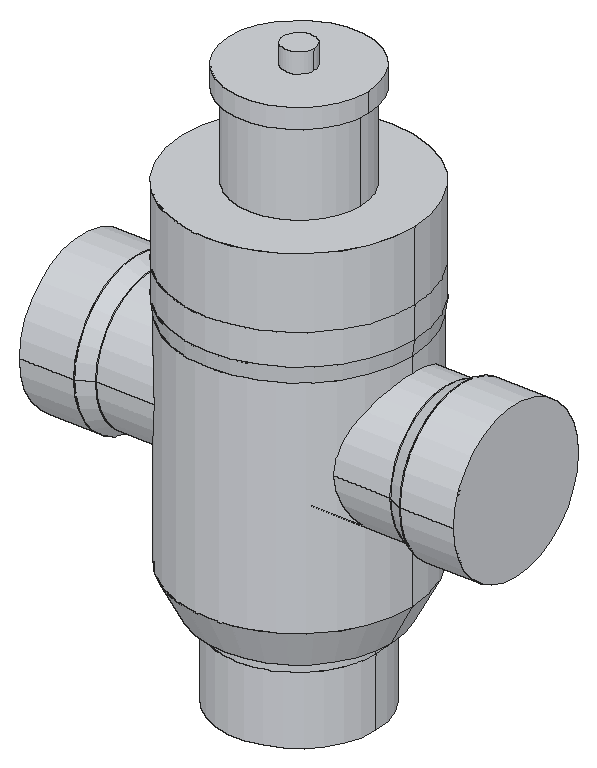
Revit family "VMX24P_DN20_PN16_RFA_2019", category Pipe Accessories, Revit 2019
Family settings
  Round Connector Dimension = Use Diameter
  Part Type = Valve - Breaks Into
  Work Plane-Based = No
  Always vertical = Yes
  Cut with Voids When Loaded = No
  Shared = No
Parameters (values of type "VMX24P G3/4  PN16 kvs4,0")
  magiProductId = ""
  magiProductFamilyId = ""
  magiPartTypeId = 320
  isMeasuringValve [instance] = no
  ang2D [instance] = 0.00°
  Z9 = 8.8 mm
  Z8 = 4 mm
  Z7__ve = -Z7  # -2.5 mm
  Z7 = 2.5 mm
  Z6 = 8.45 mm
  Z5 = 9.1 mm
  Z3 = 2 mm
  Z2 = 6.8 mm
  Z1 = 5.1 mm
  X4__ve = -X4  # -7 mm
  X4 = 7 mm
  X3 = 38 mm
  X1 = 5.6 mm
  W2D = 20 mm
  VersionID = ""
  Use Minimum Symbol Size [instance] = no
  URL = "www.hydronix.cz"
  Type Comments = "Závitový, vnější závit, ploché těsnění; LIN charakteristika; PN16; +5~+95°C; max.rychlost proudění 3,0 m/s"
  TL = 56 mm
  R9 = 9 mm
  R8 = 2 mm
  R7 = 15 mm
  R6 = 12 mm
  R5 = 11.29 mm
  R4 = 9.408 mm
  R3 = 10 mm
  R2 = 14.7 mm
  R10 = 8 mm
  R1 = 9 mm
  QmdConnectorList = "301;D;302;D;303;D"
  Productdata [instance] = ""
  Manufacturer = "Hydronix"
  MT = 1
  MC Product Code = "VMX24P (G3/4\";  dpmax A-AB=100kPa;  dpmax B-AB=40kPa;  kvs 4,0)"
  MC = yes
  LT2 = 21 mm
  L2D_Min = 30.48 mm
  L2D = 42 mm
  L = 42 mm
  H1 = 29 mm
  H = 26 mm
  E = 16 mm
  Description = "3 cestný regulační ventil malých spotřebičů, DN20; zdvih 2,5mm; max dp A-AB 100kPa; max dp B-AB 40kPa; kvs4,0"
  DT2 = 10 mm
  D = 20 mm
  CS = no
  CAT0 = yes
  CAT = no
  C = 34 mm
  Assembly Code = ""
Types (8, lengths in mm): name | Z9 | Z6 | Z5 | Z2 | Z1 | X3 | X1 | W2D | TL | R6 | R5 | R4 | R3 | R2 | R1 | MC Product Code | LT2 | L2D | L | H1 | H | Description | DT2 | D | C
  VMX09P G1/2  PN16 kvs0,25 | 7 | 8.775 | 9.45 | 5 | 3.75 | 34 | 5.2 | 15 | 52 | 9 | 10.214 | 8.512 | 7.5 | 13.3 | 6.75 | "VMX09P (G1/2\"; dpmax=250kPa; kvs 0,25)" | 19 | 38 | 38 | 23.8 | 27 | "3 cestný regulační ventil malých spotřebičů, DN15; zdvih 2,5mm; max dp 250kPa; kvs0,25" | 7.5 | 15 | 25
  VMX10P G1/2  PN16 kvs0,4 | 7 | 8.775 | 9.45 | 5 | 3.75 | 34 | 5.2 | 15 | 52 | 9 | 10.214 | 8.512 | 7.5 | 13.3 | 6.75 | "VMX10P (G1/2\"; dpmax=250kPa; kvs 0,4)" | 19 | 38 | 38 | 23.8 | 27 | "3 cestný regulační ventil malých spotřebičů, DN15; zdvih 2,5mm; max dp 250kPa; kvs0,4" | 7.5 | 15 | 25
  VMX11P G1/2  PN16 kvs0,6 | 7 | 8.775 | 9.45 | 5 | 3.75 | 34 | 5.2 | 15 | 52 | 9 | 10.214 | 8.512 | 7.5 | 13.3 | 6.75 | "VMX11P (G1/2\"; dpmax=250kPa; kvs 0,6)" | 19 | 38 | 38 | 23.8 | 27 | "3 cestný regulační ventil malých spotřebičů, DN15; zdvih 2,5mm; max dp 250kPa; kvs0,6" | 7.5 | 15 | 25
  VMX12P G1/2  PN16 kvs1,0 | 7 | 8.775 | 9.45 | 5 | 3.75 | 34 | 5.2 | 15 | 52 | 9 | 10.214 | 8.512 | 7.5 | 13.3 | 6.75 | "VMX12P (G1/2\"; dpmax=250kPa; kvs 1,0)" | 19 | 38 | 38 | 23.8 | 27 | "3 cestný regulační ventil malých spotřebičů, DN15; zdvih 2,5mm; max dp 250kPa; kvs1,0" | 7.5 | 15 | 25
  VMX13P G1/2  PN16 kvs1,6 | 7 | 8.775 | 9.45 | 5 | 3.75 | 34 | 5.2 | 15 | 52 | 9 | 10.214 | 8.512 | 7.5 | 13.3 | 6.75 | "VMX13P (G1/2\"; dpmax=250kPa; kvs 1,6)" | 19 | 38 | 38 | 23.8 | 27 | "3 cestný regulační ventil malých spotřebičů, DN15; zdvih 2,5mm; max dp 250kPa; kvs1,6" | 7.5 | 15 | 25
  VMX21P G3/4  PN16 kvs2,5 | 8.8 | 8.45 | 9.1 | 6.8 | 5.1 | 38 | 5.6 | 20 | 56 | 12 | 11.29 | 9.408 | 10 | 14.7 | 9 | "VMX21P (G3/4\"; dpmax=150kPa; kvs 2,5)" | 21 | 42 | 42 | 29 | 26 | "3 cestný regulační ventil malých spotřebičů, DN20; zdvih 2,5mm; max dp 150kPa; kvs2,5" | 10 | 20 | 34
  VMX24P G3/4  PN16 kvs4,0 | 8.8 | 8.45 | 9.1 | 6.8 | 5.1 | 38 | 5.6 | 20 | 56 | 12 | 11.29 | 9.408 | 10 | 14.7 | 9 | "VMX24P (G3/4\";  dpmax A-AB=100kPa;  dpmax B-AB=40kPa;  kvs 4,0)" | 21 | 42 | 42 | 29 | 26 | "3 cestný regulační ventil malých spotřebičů, DN20; zdvih 2,5mm; max dp A-AB 100kPa; max dp B-AB 40kPa; kvs4,0" | 10 | 20 | 34
  VMX26P G3/4  PN16 kvs6,0 | 8.8 | 8.45 | 9.1 | 6.8 | 5.1 | 38 | 5.6 | 20 | 56 | 12 | 11.29 | 9.408 | 10 | 14.7 | 9 | "VMX26P (G3/4\";  dpmax A-AB=100kPa;  dpmax B-AB=40kPa;  kvs 6,0)" | 21 | 42 | 42 | 29 | 26 | "3 cestný regulační ventil malých spotřebičů, DN20; zdvih 2,5mm; max dp A-AB 100kPa; max dp B-AB 40kPa; kvs6,0" | 10 | 20 | 34
Reference planes
  plane 1 "Center (Front/Back)": y = 0
  plane 2 "XYPLANE": z = 0
  plane 3 "Center (Left/Right)": x = 0
  plane 4 "271": z = 37
  plane 5 "254": z = 10.9
  plane 6 "253": z = 16.9
  plane 7 "148": z = 39.5
  plane 8 "132": z = 42
  plane 9 "62": z = 12.9
  plane 10 "53": z = 26
  plane 11 "52": z = -18.1
  plane 12 "48": z = -23.2
  plane 13 "47": z = -25.2
  plane 14 "38": z = -32
  plane 15 "37": x = 19
  plane 16 "36": x = 21
  plane 17 "23": z = -34
  plane 18 "19": x = -19
  plane 19 "15": x = -21
  plane 20 "6": x = 28
  plane 21 "5": x = -28
  plane 22 "3": z = 0
  plane 23 "2": y = 0
  plane 24 "1": x = 0
Forms (mm)
  Extrusion 1, solid
    sketch origin (-750, 0, -34) x (1, 0, 0) y (0, 1, 0)
      loop
        circle (750, 0) r 10
    from 0 to 8.8 <- "Z9"
  Extrusion 2, solid, visible <- "CAT0"
    sketch origin (-750, 0, 42) x (1, 0, 0) y (0, 1, 0)
      loop
        circle (750, 0) r 2
    from 0 to -2.5 <- "Z7__ve"
  Extrusion 3, solid, visible <- "CAT0"
    sketch origin (-750, 0, 37) x (1, 0, 0) y (0, 1, 0)
      loop
        circle (750, 0) r 8
    from 0 to -19
  Extrusion 4, solid, visible <- "CAT0"
    sketch origin (-19, -750, 0) x (0, 1, 0) y (0, 0, 1)
      loop
        circle (750, 0) r 9
    from 0 to 38 <- "X3"
  Extrusion 5, solid
    sketch origin (-750, 0, 12.9) x (1, 0, 0) y (0, 1, 0)
      loop
        circle (750, 0) r 15
    from 0 to 4 <- "Z8"
  Extrusion 6, solid
    sketch origin (-750, 0, 39.5) x (1, 0, 0) y (0, 1, 0)
      loop
        circle (750, 0) r 9
    from 0 to -2.5 <- "Z7__ve"
  Extrusion 7, solid
    sketch origin (-750, 0, 16.9) x (1, 0, 0) y (0, 1, 0)
      loop
        circle (750, 0) r 15
    from 0 to 9.1 <- "Z5"
  Blend 8, solid
    base sketch origin (-750, 0, 10.9) x (1, 0, 0) y (0, 1, 0)
      loop
        circle (750, 0) r 14.7
    top sketch origin (-750, 0, 10.9) x (1, 0, 0) y (0, 1, 0)
      loop
        circle (750, 0) r 15
    from 0 to 2
  Blend 9, solid
    base sketch origin (-750, 0, -18.1) x (1, 0, 0) y (0, 1, 0)
      loop
        circle (750, 0) r 14.7
    top sketch origin (-750, 0, -18.1) x (1, 0, 0) y (0, 1, 0)
      loop
        circle (750, 0) r 12
    from 0 to -5.1
  Extrusion 10, solid
    sketch origin (-750, 0, -25.2) x (1, 0, 0) y (0, 1, 0)
      loop
        circle (750, 0) r 10
    from 0 to 2 <- "Z3"
  Extrusion 11, solid
    sketch origin (28, -750, 0) x (0, 1, 0) y (0, 0, 1)
      loop
        circle (750, 0) r 10
    from 0 to -7 <- "X4__ve"
  Blend 12, solid
    base sketch origin (21, -750, 0) x (0, 1, 0) y (0, 0, 1)
      loop
        circle (750, 0) r 10
    top sketch origin (21, -750, 0) x (0, 1, 0) y (0, 0, 1)
      loop
        circle (750, 0) r 9
    from 0 to -2
  Extrusion 13, solid
    sketch origin (-750, 0, -18.1) x (1, 0, 0) y (0, 1, 0)
      loop
        circle (750, 0) r 14.7
    from 0 to 29 <- "H1"
  Blend 14, solid
    base sketch origin (-21, -750, 0) x (0, 1, 0) y (0, 0, 1)
      loop
        circle (750, 0) r 10
    top sketch origin (-21, -750, 0) x (0, 1, 0) y (0, 0, 1)
      loop
        circle (750, 0) r 9
    from 0 to 2
  Extrusion 15, solid
    sketch origin (-28, -750, 0) x (0, 1, 0) y (0, 0, 1)
      loop
        circle (750, 0) r 10
    from 0 to 7 <- "X4"
  Extrusion 16, solid, not visible
    sketch origin (-750, 0, -25.2) x (1, 0, 0) y (0, 1, 0)
      loop
        circle (750, 0) r 10
    from 0 to 10
  Extrusion 17, solid, not visible
    sketch origin (21, -750, 0) x (0, 1, 0) y (0, 0, 1)
      loop
        circle (750, 0) r 10
    from 0 to -10
  Extrusion 18, solid, not visible
    sketch origin (-21, -750, 0) x (0, 1, 0) y (0, 0, 1)
      loop
        circle (750, 0) r 10
    from 0 to 10
Lines and regions (mm)
  reference lines, not visible
    curve 1: circle (2, 2, 0) r 1 normal (0, 0, 1)
Dimensions and locks
  plane 1 "Center (Front/Back)" to curve 1 = 2 mm
  "Z7": plane 7 "148" to plane 4 "271"
  "Z3": plane 9 "62" to plane 5 "254"
  "Z5": plane 10 "53" to plane 6 "253"
  "Z7": plane 8 "132" to plane 7 "148"
  "E": plane 10 "53" to plane 8 "132"
  "Z8": plane 6 "253" to plane 9 "62"
  "H": plane 2 "XYPLANE" to plane 10 "53"
  "Z1": plane 12 "48" to plane 11 "52"
  "Z3": plane 13 "47" to plane 12 "48"
  "Z2": plane 14 "38" to plane 13 "47"
  "Z3": plane 17 "23" to plane 14 "38"
  locked: plane 16 "36" to plane 15 "37" at 2
  "LT2": plane 3 "Center (Left/Right)" to plane 16 "36"
  "C": plane 2 "XYPLANE" to plane 17 "23"
  locked: plane 19 "15" to plane 18 "19" at 2
  "LT2": plane 3 "Center (Left/Right)" to plane 19 "15"
  "X4": plane 16 "36" to plane 20 "6"
  "X4": plane 19 "15" to plane 21 "5"
  locked: plane 2 "XYPLANE" to plane 22 "3"
  locked: plane 1 "Center (Front/Back)" to plane 23 "2"
  locked: plane 3 "Center (Left/Right)" to plane 24 "1"
  "DT2": radius of Extrusion 1 sketch curve
  "R8": radius of Extrusion 2 sketch curve
  "R10": radius of Extrusion 3 sketch curve
  "R1": radius of Extrusion 4 sketch curve
  "R7": radius of Extrusion 5 sketch curve
  "R9": radius of Extrusion 6 sketch curve
  "R7": radius of Extrusion 7 sketch curve
  "R7": radius of Blend 8 sketch curve
  "R2": radius of Blend 8 sketch curve
  "R6": radius of Blend 9 sketch curve
  "R2": radius of Blend 9 sketch curve
  "DT2": radius of Extrusion 10 sketch curve
  "DT2": radius of Extrusion 11 sketch curve
  "R1": radius of Blend 12 sketch curve
  "DT2": radius of Blend 12 sketch curve
  "R2": radius of Extrusion 13 sketch curve
  "R1": radius of Blend 14 sketch curve
  "DT2": radius of Blend 14 sketch curve
  "DT2": radius of Extrusion 15 sketch curve
  aligned and locked: level to plane 2 "XYPLANE"
  aligned and locked: plane 23 "2" to Extrusion 1 sketch curve
  aligned and locked: plane 24 "1" to Extrusion 1 sketch curve
  aligned and locked: plane 23 "2" to Extrusion 2 sketch curve
  aligned and locked: plane 24 "1" to Extrusion 2 sketch curve
  aligned and locked: plane 23 "2" to Extrusion 3 sketch curve
  aligned and locked: plane 24 "1" to Extrusion 3 sketch curve
  aligned and locked: plane 22 "3" to Extrusion 4 sketch curve
  aligned and locked: Extrusion 4 sketch curve to plane 23 "2"
  aligned and locked: plane 23 "2" to Extrusion 5 sketch curve
  aligned and locked: plane 24 "1" to Extrusion 5 sketch curve
  aligned and locked: plane 23 "2" to Extrusion 6 sketch curve
  aligned and locked: plane 24 "1" to Extrusion 6 sketch curve
  aligned and locked: plane 23 "2" to Extrusion 7 sketch curve
  aligned and locked: plane 24 "1" to Extrusion 7 sketch curve
  aligned and locked: plane 23 "2" to Blend 8 sketch curve  (x2)
  aligned and locked: plane 24 "1" to Blend 8 sketch curve  (x2)
  aligned and locked: plane 9 "62" to Blend 8
  aligned and locked: plane 23 "2" to Blend 9 sketch curve  (x2)
  aligned and locked: plane 24 "1" to Blend 9 sketch curve  (x2)
  aligned and locked: Blend 9 to plane 12 "48"
  aligned and locked: plane 23 "2" to Extrusion 10 sketch curve
  aligned and locked: plane 24 "1" to Extrusion 10 sketch curve
  aligned and locked: plane 22 "3" to Extrusion 11 sketch curve
  aligned and locked: Extrusion 11 sketch curve to plane 23 "2"
  aligned and locked: plane 22 "3" to Blend 12 sketch curve  (x2)
  aligned and locked: Blend 12 sketch curve to plane 23 "2"  (x2)
  aligned and locked: Blend 12 to plane 15 "37"
  aligned and locked: plane 23 "2" to Extrusion 13 sketch curve
  aligned and locked: plane 24 "1" to Extrusion 13 sketch curve
  aligned and locked: plane 22 "3" to Blend 14 sketch curve  (x2)
  aligned and locked: Blend 14 sketch curve to plane 23 "2"  (x2)
  aligned and locked: plane 18 "19" to Blend 14
  aligned and locked: plane 22 "3" to Extrusion 15 sketch curve
  aligned and locked: Extrusion 15 sketch curve to plane 23 "2"
  aligned and locked: plane 23 "2" to Extrusion 16 sketch curve
  aligned and locked: plane 24 "1" to Extrusion 16 sketch curve
  aligned and locked: plane 22 "3" to Extrusion 17 sketch curve
  aligned and locked: Extrusion 17 sketch curve to plane 23 "2"
  aligned and locked: plane 22 "3" to Extrusion 18 sketch curve
  aligned and locked: Extrusion 18 sketch curve to plane 23 "2"
Automatic sketch dimensions
  plane 1 "Center (Front/Back)" to Extrusion 16 sketch curve = 10 mm
  plane 1 "Center (Front/Back)" to Extrusion 17 sketch curve = 10 mm
  plane 1 "Center (Front/Back)" to Extrusion 18 sketch curve = 10 mm
  plane 3 "Center (Left/Right)" to curve 1 = 2 mm
  radius of curve 1 = 1 mm
Connectors
  piping at (-21, 0, 0), diameter 20, driven by "D"
    settings: on Extrusion 18, index 1, connector inside diameter 609.6 mm, connector length 0 mm, flow factor 0, pipe flow 0.0 L/s, pressure drop 0.0 Pa, fitting loss kfactor 0, connector angle 0.00°, fixture units 0, engagement length 0 mm, angle of deflection 0.00°, flow configuration 0, flow direction 0, fitting loss method 0, system type 29, joint type 0, gender type 0, connector reference index -1, connector utility 0, adjustable connector yes, is connector primary yes, connector description ""
  piping at (21, 0, 0), diameter 20, driven by "D"
    settings: on Extrusion 17, index 2, connector inside diameter 609.6 mm, connector length 0 mm, flow factor 0, pipe flow 0.0 L/s, pressure drop 0.0 Pa, fitting loss kfactor 0, connector angle 0.00°, fixture units 0, engagement length 0 mm, angle of deflection 0.00°, flow configuration 0, flow direction 0, fitting loss method 0, system type 29, joint type 0, gender type 0, connector reference index -1, connector utility 0, adjustable connector yes, is connector primary no, connector description ""
  piping at (0, 0, -25.2), diameter 20, driven by "D"
    settings: on Extrusion 16, index 3, connector inside diameter 609.6 mm, connector length 0 mm, flow factor 0, pipe flow 0.0 L/s, pressure drop 0.0 Pa, fitting loss kfactor 0, connector angle 0.00°, fixture units 0, engagement length 0 mm, angle of deflection 0.00°, flow configuration 0, flow direction 0, fitting loss method 0, system type 29, joint type 0, gender type 0, connector reference index -1, connector utility 0, adjustable connector yes, is connector primary no, connector description ""
